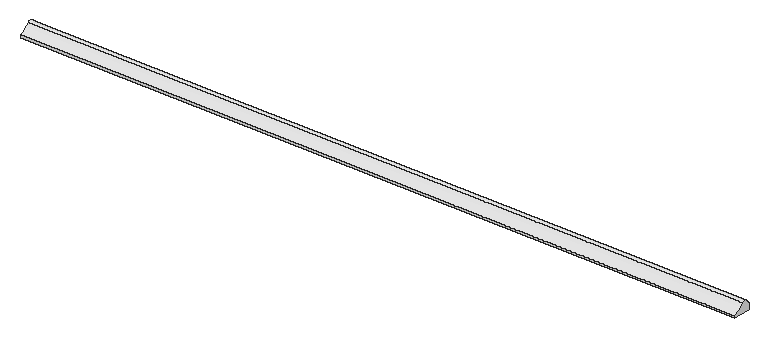
Revit family "13-MOULDING-CADS-156-PCBPERRYMOULD-4-REVIT_Versatex-Generic-Model-PERRY-MOULD", category Generic Models, host Face, Revit 2026
Family settings
  Host = Face
  Can host rebar = No
  Round Connector Dimension = Use Diameter
  Part Type = Normal
  Cut with Voids When Loaded = No
  Maintain Annotation Orientation = No
  Shared = No
  Room Calculation Point = No
Parameters
  Model = "PCBPERRY"
  Length = 4' - 0"
  Warranty = "https://versatex.com/warranty/"
  URL = "https://versatex.com/"
  Specification = "https://www.arcat.com/company/versatex-45716/spec?coid=45716"
  Sales Information = "https://versatex.com/dealer-locator/"
  Message Manufacturer = "https://versatex.com/contact/"
  Material = Versatex PVC - Smooth
  Manufacturer Website = "https://versatex.com/"
  Manufacturer Phone = "724-857-1111"
  Manufacturer Fax = "724-857-1171"
  Manufacturer Address = "400 Steel Street, Aliquippa, PA 15001"
  Manufacturer = "Versatex"
  Literature = "https://versatex.com/literature/?_sft_literature_category=cads"
  Description = "PERRY MOULD"
  Default Elevation = 4' - 0"
  Copyright = "© 2024 VERSATEX Building Products, LLC"
Reference planes (in)
  plane 1 "Center (Front/Back)": y = 0
  plane 2: z = 0
  plane 3 "Center (Left/Right)": x = 0
  plane 4: x = 24
  plane 5: x = -24
Forms (in)
  Sweep 1, solid, material "Versatex PVC - Smooth" <- "Material"
    path origin (0, 0, 0) x (1, 0, 0) y (0, 1, 0)
      loop
        line (-24, 0) -> (24, 0)
    profile "Versatex_Profile_PERRY MOULD : Versatex_Profile_PERRY MOULD" origin (0, 0, 0) x (0, 1, 0) y (0, 0, 1)
      loop
        arc (-0.45175, 0.59694) -> (-0.75441, 0.31589) -> (-1.12504, 0.1336) r 1.42293
        line (-1.12504, 0.1336) -> (-1.12504, 0) -> (0, 0) -> (0, 0.37401) -> (-0.0625, 0.37401)
        arc (-0.0625, 0.37401) -> (-0.07879, 0.4866) -> (-0.13507, 0.58546) r 0.30612
        arc (-0.13507, 0.58546) -> (-0.29104, 0.6565) -> (-0.45175, 0.59694) r 0.22476
Dimensions and locks (in)
  "Length": plane 5 to plane 4
  equal spacing: plane 5, plane 3 "Center (Left/Right)", plane 4, locked at 24 each
  aligned and locked: plane 2 to host face
  aligned and locked: level to host face
Automatic sketch dimensions
  host sketch curve to host sketch curve = 8' - 0"  (x2)
  plane 1 "Center (Front/Back)" to Sweep 1 sketch curve = 0' - 0"
  Sweep 1 sketch curve to plane 5 = 0' - 0"
  Sweep 1 sketch curve to plane 4 = 0' - 0"
